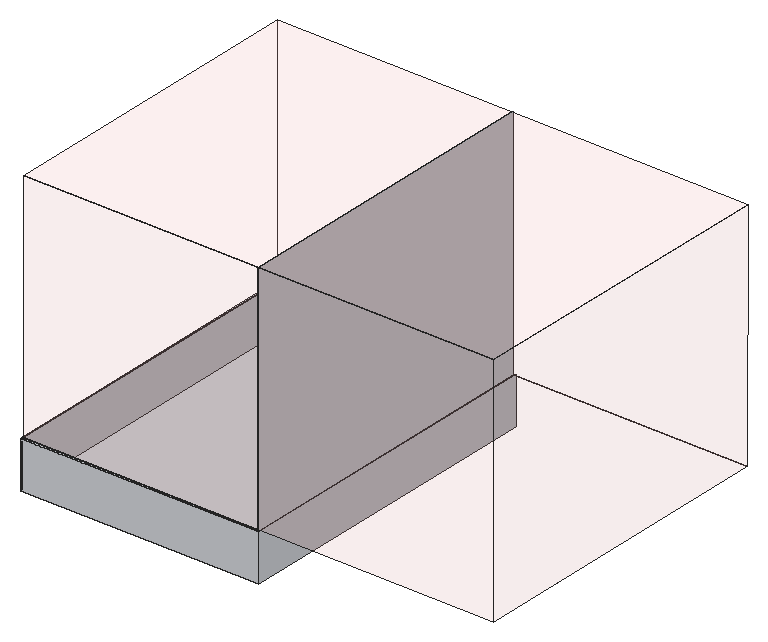
Revit family "Hager-Type B SP&N Distribution Boards-Surface_mounted-IP2XC-With_Cover-Without_DIN-Hosted-GB-en", category Electrical Equipment, host Face, Revit 2023
Family settings
  Host = Face
  Panel Configuration = Two Columns, Circuits Across
  Round Connector Dimension = Use Diameter
  Part Type = Panelboard
  Cut with Voids When Loaded = No
  Maintain Annotation Orientation = Yes
  Shared = No
  Room Calculation Point = No
Parameters (values of type "Type B SP&N Distribution Boards-Surface_mounted_W465_H625_D91_0_Modular_Spacing-JK108BSH")
  Width Control [instance] = if([HG000006-Flush mounted], if([EF000846 - Recess width] > min_whd, [EF000846 - Recess width], min_whd), if([EF000008 - Width] > min_whd, ([EF000008 - Width]), min_whd))  # 465 mm
  Void Depth [instance] = if([HG000006-Flush mounted], Depth Control, 1 mm)  # 1 mm
  Uniformat code = "D501001"
  Uniformat = "Low Tension Service & Dist."
  HG000131 - Functional label [instance] = ""
  HG000130 - Functional name [instance] = ""
  HG000099-Onfly Template ID = "507532"
  Type Comments = ""
  System Height [instance] = Height Control - 2 * [HG000005-Thickness]  # 446 mm
  Reference description = ""
  Reference = "Type B SP&N Distribution Boards-Surface_mounted_W465_H625_D91_0_Modular_Spacing-JK108BSH"
  Object type = ""
  Name hager = "ADD_Enclosures_EC000214"
  Name BIM&CO = "Electricity"
  Name = "Type B SP&N Distribution Boards-Surface_mounted-IP2XC-With_Cover-Without_DIN-GB"
  Model = ""
  HGEF002950-Width in number of modular spacings = 0
  HGEF000266-Number of rows = 0
  HG000060-RAL-number = "7035"
  HG000059-Operating voltage [instance] = 230 V
  HG000017-Distance between poles = 18 mm
  HG000016-Door 3D visibility = yes
  HG000015-Clearance visibility = yes
  HG000014-Door on the right = yes
  HG000013-Door on the left = not([HG000014-Door on the right])  # no
  HG000012-Door swing angle = 90.00°
  HG000011-Empty rows from bottom = no
  HG000010-Asymmetric doors = no
  HG000009-Double swing door = no
  HG000008-Number of empty rows = 0
  HG000007-Number of empty columns = 0
  HG000006-Flush mounted = no
  HG000005-Thickness = 2 mm
  HG000004-Manufacturer reference = "JK108BSH"
  HG000003-Range = "Type B SP&N Distribution Boards"
  HG000002-With door or cover = yes
  HG000001-Number of columns = 0
  GTIN (Global Trade Item Number) = ""
  ETIM class name = "Small distribution board"
  ETIM class code = "EC000214"
  EF015941 - Signal passing door = no
  EF015777 - Neutral terminal block = yes
  EF015776 - Earthing terminal block = yes
  EF009212 - Cover model = ""
  EF006306 - With lock = no
  EF006244 - Transparent cover/door = no
  EF005474 - Degree of protection (IP rating) = "IP2XC"
  EF004464 - Type of door = ""
  EF004462 - Type of closure = ""
  EF002950 - Width in number of modular spacings = 0
  EF001596 - Housing material = ""
  EF001134 - With DIN-rail = no
  EF001131 - Internal depth = 0 mm
  EF001088 - Extension possible = no
  EF001062 - EMC-version = no
  EF000846 - Recess width = 0 mm
  EF000339 - Type of covering = ""
  EF000332 - Recess height = 0 mm
  EF000266 - Number of rows = 0
  EF000218 - Recess depth = 0 mm
  EF000118 - With mounting plate = no
  EF000116 - RAL number = 7035
  EF000049 - Depth = 91 mm
  EF000040 - Height = 625 mm
  EF000024 - UV resistant = no
  EF000008 - Width = 465 mm
  EF000007 - Colour = ""
  EF000003 - Mounting method = "Surface mounted"
  Creation Date = "12/17/2025 20:13:08"
  Code hager = "ADD-EC000214_EU"
  BIM&CO code = ""
  BC_VARIANT_ID = "1178538"
  BC_OBJECT_VERSION = "#1"  # constant formula
  BC_OBJECT_ID = "513817"  # constant formula
  BC_MODEL_ID = "1554191"  # constant formula
  Arrow Offset [instance] = Depth Control / 8  # 18.75 mm
  Arrow Height [instance] = Depth Control - Arrow Offset  # 131.25 mm
  Host Offset [instance] = if([HG000006-Flush mounted], 0 mm, [EF000049 - Depth])  # 91 mm
  min_whd [instance] = (2 * [HG000005-Thickness]) + 1 mm  # 5 mm
  Manufacturer = "Hager"  # constant formula
  Height Control [instance] = if([HG000006-Flush mounted], if([EF000332 - Recess height] > min_whd, [EF000332 - Recess height], min_whd), if([EF000040 - Height] > min_whd, ([EF000040 - Height]), min_whd))  # 625 mm
  Flush Mounted - Door Frame Width [instance] = if(([EF000040 - Height] - [EF000332 - Recess height]) > 0 mm, if([HG000006-Flush mounted], [EF000040 - Height] - [EF000332 - Recess height], 0 mm), 0 mm)  # 0 mm
  Depth Control [instance] = if([HG000006-Flush mounted], if([EF000218 - Recess depth] > 0 mm, [EF000218 - Recess depth], 1 mm), if([EF000049 - Depth] > 0 mm, ([EF000049 - Depth]), 1 mm))  # 91 mm
  Default Elevation = 0 mm
Types (4, lengths in mm): name | Width Control | Reference | HG000004-Manufacturer reference | EF015777 - Neutral terminal block | EF015776 - Earthing terminal block | EF001088 - Extension possible | EF000049 - Depth | EF000040 - Height | EF000008 - Width | EF000007 - Colour | BC_VARIANT_ID | Host Offset | Height Control | Depth Control
  Type B SP&N Distribution Boards-Surface_mounted_W465_H550_D91_0_Modular_Spacing-JK106BSH | 465 | "Type B SP&N Distribution Boards-Surface_mounted_W465_H550_D91_0_Modular_Spacing-JK106BSH" | "JK106BSH" | no | yes | no | 91 | 550 | 465 | "" | "1178537" | 91 | 550 | 91
  Type B SP&N Distribution Boards-Surface_mounted_W465_H625_D91_0_Modular_Spacing-JK108BSH | 465 | "Type B SP&N Distribution Boards-Surface_mounted_W465_H625_D91_0_Modular_Spacing-JK108BSH" | "JK108BSH" | yes | yes | no | 91 | 625 | 465 | "" | "1178538" | 91 | 625 | 91
  Type B SP&N Distribution Boards-Surface_mounted_W465_H850_D91_0_Modular_Spacing-JK112BSH | 465 | "Type B SP&N Distribution Boards-Surface_mounted_W465_H850_D91_0_Modular_Spacing-JK112BSH" | "JK112BSH" | yes | yes | no | 91 | 850 | 465 | "" | "1178539" | 91 | 850 | 91
  Type B SP&N Distribution Boards-Surface_mounted_W232_H300_D124_0_Modular_Spacing-JK201BSH | 232 | "Type B SP&N Distribution Boards-Surface_mounted_W232_H300_D124_0_Modular_Spacing-JK201BSH" | "JK201BSH" | no | no | yes | 124 | 300 | 232 | "Grey" | "1178540" | 124 | 300 | 124
Reference planes
  plane 1 "Center (Front/Back)": y = 0
  plane 2: z = 0
  plane 3 "Center (Left/Right)": x = 0
  plane 4: z = 91
  plane 5: y = 2
  plane 6: z = 86
  plane 7: y = 312.5
  plane 8: y = 0
  plane 9: y = 625
  plane 10: z = 0
  plane 11: x = -232.5
  plane 12: x = 232.5
  plane 13: x = 230.5
  plane 14: x = -230.5
  plane 15: y = 623
  plane 16: z = 2
  plane 17: z = 89
  plane 18: z = -1
  plane 19: z = 89
  plane 20 "Annotation H": y = -100
  plane 21 "Annotation V": x = 532.5
Forms (mm)
  Extrusion 1, solid
    sketch origin (-583.045, 0, 1219.2) x (-1, 0, 0) y (0, 0, 1)
      loop
        line (-350.545, -1128.2) -> (-815.545, -1128.2) -> (-815.545, -1219.2) -> (-350.545, -1219.2) -> (-350.545, -1128.2)
    from 0 to 625 <- "Height Control"
  Extrusion 2, void
    sketch origin (-381.607, -4572, 91) x (0, -1, 0) y (-1, 0, 0)
      loop
        line (-5195, -151.107) -> (-5195, -612.107) -> (-4574, -612.107) -> (-4574, -151.107) -> (-5195, -151.107)
    from 0 to 89
  Extrusion 3, void
    sketch origin (0, 0, 0) x (1, 0, 0) y (0, 1, 0)
      loop
        line (-232.5, 0) -> (232.5, 0) -> (232.5, 625) -> (-232.5, 625) -> (-232.5, 0)
    from -1 to 1
  Extrusion 4, solid, detail levels coarse+medium
    sketch origin (-381.607, -4572, 91) x (-1, 0, 0) y (0, -1, 0)
      loop
        line (-151.107, -5195) -> (-151.107, -4574) -> (-612.107, -4574) -> (-612.107, -5195) -> (-151.107, -5195)
    from 0 to -2
Cuts and joins
  Extrusion 2 cuts Extrusion 1
Dimensions and locks
  plane 4 to plane 6 = 5 mm
  "Host Offset": plane 4 to host face
  "Flush Mounted - Door Frame Width": plane 1 "Center (Front/Back)" to plane 8
  "HG000005-Thickness": plane 5 to plane 8
  locked: connector elem to plane 3 "Center (Left/Right)"
  "Height Control": plane 9 to plane 8
  equal spacing: plane 9, plane 7, plane 8
  locked: connector elem to plane 7
  "Depth Control": plane 4 to plane 10
  "HG000005-Thickness": plane 11 to plane 14
  "HG000005-Thickness": plane 12 to plane 13
  equal spacing: plane 11, plane 3 "Center (Left/Right)", plane 12
  "Width Control": plane 11 to plane 12
  "Arrow Offset": nested 4 to plane 10
  "HG000005-Thickness": plane 9 to plane 15
  "HG000005-Thickness": plane 16 to plane 10
  "HG000005-Thickness": plane 4 to plane 17
  "Void Depth": plane 2 to plane 18
  "HG000005-Thickness": plane 4 to plane 19
  locked: plane 20 "Annotation H" to plane 1 "Center (Front/Back)" at 100
  locked: plane 12 to plane 21 "Annotation V" at 300
  aligned and locked: plane 2 to host face
  aligned and locked: level to host face
  aligned and locked: plane 3 "Center (Left/Right)" to nested 2
  aligned and locked: plane 4 to nested 2
  aligned and locked: nested 2 to plane 8
  aligned and locked: nested 1 to plane 6
  aligned and locked: nested 1 to plane 5
  aligned and locked: nested 4 to plane 11
  aligned and locked: nested 3 to plane 4
  aligned and locked: Extrusion 1 sketch curve to plane 12
  aligned and locked: Extrusion 1 sketch curve to plane 11
  aligned and locked: nested 3 to plane 10
  aligned and locked: plane 10 to Extrusion 1 sketch curve
  aligned and locked: Extrusion 2 sketch curve to plane 5
  aligned and locked: Extrusion 2 sketch curve to plane 15
  aligned and locked: Extrusion 2 sketch curve to plane 14
  aligned and locked: Extrusion 2 sketch curve to plane 13
  aligned and locked: plane 11 to Extrusion 3 sketch curve
  aligned and locked: plane 9 to Extrusion 3 sketch curve
  aligned and locked: Extrusion 3 sketch curve to plane 8
  aligned and locked: plane 12 to Extrusion 3 sketch curve
  aligned and locked: nested 3 to plane 12
  aligned and locked: Extrusion 3 to plane 18
  aligned and locked: Extrusion 2 to plane 16
  aligned and locked: Extrusion 1 sketch curve to plane 4
  aligned and locked: Extrusion 4 to plane 17
  aligned and locked: Extrusion 4 sketch curve to plane 15
  aligned and locked: Extrusion 4 sketch curve to plane 13
  aligned and locked: Extrusion 4 sketch curve to plane 14
  aligned and locked: Extrusion 4 sketch curve to plane 5
  aligned and locked: nested 5 to plane 21 "Annotation V"
  aligned and locked: plane 20 "Annotation H" to nested 5
Automatic sketch dimensions
  host sketch curve to host sketch curve = 1469.727 mm
  host sketch curve to host sketch curve = 1434.803 mm
Nested families
  nested 1: "Hager_Enclosure_System" at (0, 2, 86) x (1, 0, 0) z (0, 1, 0), Depth <- "HG000005-Thickness", Height <- "System Height", Border <- "HG000005-Thickness", Flush_Mounted <- "HG000006-Flush mounted", Row_Module_Multiplicator <- "HGEF002950-Width in number of modular spacings", Total_No_Empty_Rows <- "HG000008-Number of empty rows", Total_No_Rows <- "HGEF000266-Number of rows", Empty_Columns <- "HG000007-Number of empty columns", Width_Control <- "Width Control", Empty_Rows_From_Bottom <- "HG000011-Empty rows from bottom", Distance_Between_Poles <- "HG000017-Distance between poles", Rows_Count <- "HGEF000266-Number of rows", Columns_Count <- "HG000001-Number of columns", Built-in_Width <- "EF000846 - Recess width", Width <- "EF000008 - Width", type "Hager_Enclosure_System", detail levels fine
    with Width_Control 465 mm, Width 465 mm, Total_No_Rows 0, Total_No_Empty_Rows 0, Total_No_Columns 1, System_Width 461 mm, Rows_Count 0, Rows_Column 0, Row_Module_Multiplicator 0, Panel_4 no, Panel_3 no, Panel_2 no, Panel_1 no, No_Panels_Ctrl 1, Hide_Columns yes, Height 446 mm, Flush_Mounted no, Empty_Rows_From_Bottom no, Empty_Rows_Column 0, Empty_Columns 0, Empty column 4 0, Empty column 3 0, Empty column 2 0, Empty column 1 0, Distance_Between_Poles 18 mm, Depth 2 mm, Columns_Count 0, Column_Width 461 mm, Built-in_Width 0 mm, Border 2 mm
  nested 2: "Hager_Enclosure_Door" at (0, 0, 91) x (1, 0, 0) z (0, 1, 0), Border <- "HG000005-Thickness", Door_Right <- "HG000014-Door on the right", Flush_Mounted <- "HG000006-Flush mounted", Door_Left <- "HG000013-Door on the left", 3d_Door <- "HG000016-Door 3D visibility", Angle <- "HG000012-Door swing angle", Assymetrical <- "HG000010-Asymmetric doors", Double <- "HG000009-Double swing door", Clearance <- "HG000015-Clearance visibility", Door <- "HG000002-With door or cover", Height_Ctrl <- "Height Control", Width_Ctrl <- "Width Control", BuiltIn_Depth <- "EF000218 - Recess depth", Depth <- "EF000049 - Depth", BuiltIn_Width <- "EF000846 - Recess width", Height <- "EF000040 - Height", BuiltIn_Height <- "EF000332 - Recess height", Width <- "EF000008 - Width", Transparent <- "EF006244 - Transparent cover/door", type "Hager_Enclosure_Door", detail levels medium+fine
    with min_wh 5 mm, Width_Ctrl 465 mm, Width 465 mm, Transparent_Door_No_Bottom_Border no, Transparent no, Leaf_Width 458 mm, Leaf_Tolerance 1.5 mm, Leaf_Height 618 mm, Leaf_2_Width 458 mm, Leaf_2_Offset 229 mm, Leaf_1_Width 458 mm, Leaf_1_Offset 229 mm, Height_Ctrl 625 mm, Height 625 mm, Frame_Width_Ctrl 465 mm, Frame_Width 465 mm, Frame_Internal_Offset 0 mm, Frame_Height_Ctrl 625 mm, Frame_Height 625 mm, Frame_Depth_Ctrl 1 mm, Frame_Depth 0 mm, Flush_Mounted no, Double_Clearance_Ctrl no, Double no, Door_Right_Ctrl yes, Door_Right yes, Door_Left_Ctrl no, Door_Left no, Door yes, Depth 91 mm, Clearance_Depth 458 mm, Clearance_Ctrl yes, Clearance yes, BuiltIn_Width 0 mm, BuiltIn_Height 0 mm, BuiltIn_Depth 0 mm, Border 2 mm, Assymetrical no, Angle 90.00°, 3d_Door yes
  nested 3: "Hager_Enclosure_Symbol_Triangle" at (-232.5, 0, 0) x (1, 0, 0) z (0, -1, 0), Depth <- "Depth Control", Width <- "Width Control", type "Hager_Enclosure_Symbol_Triangle"
    with Width_Ctrl 465 mm, Width 465 mm, Depth_Ctrl 91 mm, Depth 91 mm
  nested 4: "Hager_Enclosure_Symbol_Arrow" at (-232.5, 0, 18.75) x (1, 0, 0) z (0, -1, 0), Height <- "Arrow Height", type "Hager_Enclosure_Symbol_Arrow"
    with Width_Inside 9.844 mm, Width 118.125 mm, Height_Ctrl 131.25 mm, Height 131.25 mm
  nested 5: "Hager_Annotation-HG000130" at (532.5, -100, 0) x (-1, 0, 0) z (0, 0, 1), HG000130 - Functional name <- "HG000130 - Functional name", type "Hager_Annotation-HG000130"
    with HG000130 - Functional name ""
Connectors
  electrical at (0, 312.5, 0)
    settings: on plane 10, index 1, voltage 0 V, apparent load 0 VA, apparent load phase1 0 VA, apparent load phase2 0 VA, apparent load phase3 0 VA, power factor 1, load classification "Other", number of poles 1, system type 30, power factor state 1, is connector primary yes, connector utility no, sub classification motor no, connector description ""
Definition of nested family "Hager_Enclosure_Door"
  Parameters (values of type "Hager_Enclosure_Door")
    min_wh [instance] = (2 * Border) + 1 mm  # 11 mm
    Width_Ctrl [instance] = 400 mm
    Width [instance] = 500 mm
    Transparent_Door_No_Bottom_Border [instance] = no
    Transparent [instance] = yes
    Leaf_Width [instance] = if((Width_Ctrl - 2 * Border - 2 * Leaf_Tolerance) > 0 mm, (Width_Ctrl - 2 * Border - 2 * Leaf_Tolerance), min_wh)  # 387 mm
    Leaf_Tolerance [instance] = 1.5 mm  # constant formula
    Leaf_Height [instance] = if((Height_Ctrl - 2 * Border - 2 * Leaf_Tolerance) > 0 mm, (Height_Ctrl - 2 * Border - 2 * Leaf_Tolerance), min_wh)  # 387 mm
    Leaf_2_Width [instance] = if(and(and(Double, Assymetrical), Door_Left), (Leaf_Width / 3) - (Leaf_Tolerance / 2), if(and(and(Double, Assymetrical), Door_Right), (Leaf_Width / 3) * 2 - (Leaf_Tolerance / 2), if(and(Double, not(Assymetrical)), (Leaf_Width / 2) - Leaf_Tolerance, Leaf_Width)))  # 387 mm
    Leaf_2_Offset [instance] = if(and(Double, Assymetrical), Leaf_2_Width / 2, if(and(Double, not(Assymetrical)), Leaf_Width / 4, Leaf_Width / 2))  # 193.5 mm
    Leaf_1_Width [instance] = if(and(and(Double, Assymetrical), Door_Right), (Leaf_Width / 3) - (Leaf_Tolerance / 2), if(and(and(Double, Assymetrical), Door_Left), (Width / 3) * 2 - (Leaf_Tolerance / 2), if(and(Double, not(Assymetrical)), (Leaf_Width / 2) - Leaf_Tolerance, Leaf_Width)))  # 387 mm
    Leaf_1_Offset [instance] = if(and(Double, Assymetrical), Leaf_1_Width / 2, if(and(Double, not(Assymetrical)), Leaf_Width / 4, Leaf_Width / 2))  # 193.5 mm
    Height_Ctrl [instance] = 400 mm
    Height [instance] = 500 mm
    Frame_Width_Ctrl [instance] = if(Frame_Width > 0 mm, Frame_Width, 1 mm)  # 1 mm
    Frame_Width [instance] = Width - BuiltIn_Width  # 0 mm
    Frame_Internal_Offset [instance] = if(Flush_Mounted, Border, 0 mm)  # 5 mm
    Frame_Height_Ctrl [instance] = if(Frame_Height > 0 mm, Frame_Height, 1 mm)  # 1 mm
    Frame_Height [instance] = Height - BuiltIn_Height  # 0 mm
    Frame_Depth_Ctrl [instance] = if(Frame_Depth > 0 mm, Frame_Depth, 1 mm)  # 1 mm
    Frame_Depth [instance] = if(Depth - BuiltIn_Depth > 0 mm, if(Flush_Mounted, Depth - BuiltIn_Depth, 0 mm), 0 mm)  # 0 mm
    Flush_Mounted [instance] = yes
    Double_Clearance_Ctrl [instance] = and(Double, Clearance)  # no
    Double [instance] = no
    Door_Right_Ctrl [instance] = and(or(Door_Right, Double), Door)  # yes
    Door_Right [instance] = yes
    Door_Left_Ctrl [instance] = and(or(Door_Left, Double), Door)  # no
    Door_Left [instance] = no
    Door [instance] = yes
    Depth [instance] = 500 mm
    Default Elevation = 1219.2 mm
    Clearance_Material = none
    Clearance_Depth [instance] = if(Leaf_1_Width > Leaf_2_Width, Leaf_1_Width, Leaf_2_Width)  # 387 mm
    Clearance_Ctrl [instance] = and(not(Double), Clearance)  # yes
    Clearance [instance] = yes
    BuiltIn_Width [instance] = 500 mm
    BuiltIn_Height [instance] = 500 mm
    BuiltIn_Depth [instance] = 500 mm
    Border [instance] = 5 mm
    Assymetrical [instance] = yes
    Angle [instance] = 30.00°
    3d_Door [instance] = yes
  Reference planes
    plane 1 "Center (Front/Back)": y = 0
    plane 2 "Bottom": z = 0
    plane 3 "Center (Left/Right)": x = 0
    plane 4: z = 400
    plane 5: x = -200
    plane 6: x = 200
    plane 7: z = 395
    plane 8: x = -195
    plane 9: z = 5
    plane 10: x = 195
    plane 11: y = 0
    plane 12: z = 6.5
    plane 13: x = -582
    plane 14: y = -387
    plane 15: x = 582
    plane 16: x = 0
    plane 17: x = 0
    plane 18: x = -193.5
    plane 19: x = 193.5
    plane 20: z = 393.5
  Forms (mm)
    Extrusion 1, solid, visible <- "Flush_Mounted"
      sketch origin (0, 0, 0) x (1, 0, 0) y (0, 0, 1)
        loop
          line (195, 5) -> (195, 395) -> (-195, 395) -> (-195, 5) -> (195, 5)
        loop
          line (-201, 401) -> (-201, -1) -> (201, -1) -> (201, 401) -> (-201, 401)
      from 0 to 1 <- "Frame_Depth_Ctrl"
    Extrusion 2, solid, material <- "Clearance_Material", visible <- "Double_Clearance_Ctrl"
      sketch origin (1200, 0, 0) x (1, 0, 0) y (0, 0, -1)
        loop
          line (-1782, -393.5) -> (-618, -393.5) -> (-618, 0) -> (-1782, 0) -> (-1782, -393.5)
      from 0 to -387
  Dimensions and locks
    equal spacing: plane 5, plane 3 "Center (Left/Right)", plane 6
    "Width_Ctrl": plane 5 to plane 6
    "Border": plane 5 to plane 8
    "Border": plane 6 to plane 10
    "Border": plane 9 to level
    "Border": plane 4 to plane 7
    "Height_Ctrl": plane 4 to level
    "Leaf_Tolerance": plane 12 to plane 9
    "Frame_Depth": plane 11 to plane 1 "Center (Front/Back)"
    "Frame_Width_Ctrl": plane 5 to Extrusion 1 sketch curve
    "Frame_Width_Ctrl": plane 6 to Extrusion 1 sketch curve
    "Frame_Width_Ctrl": Extrusion 1 sketch curve to plane 4
    "Frame_Width_Ctrl": plane 2 "Bottom" to Extrusion 1 sketch curve
    "Leaf_1_Offset": plane 18 to plane 16
    "Leaf_2_Offset": plane 17 to plane 19
    "Leaf_1_Width": plane 13 to plane 8
    "Leaf_2_Width": plane 10 to plane 15
    "Clearance_Depth": plane 14 to plane 1 "Center (Front/Back)"
    "Leaf_Tolerance": plane 8 to plane 18
    "Leaf_Tolerance": plane 19 to plane 10
    "Leaf_Tolerance": plane 7 to plane 20
    "Frame_Internal_Offset": plane 5 to Extrusion 1 sketch curve
    "Frame_Internal_Offset": Extrusion 1 sketch curve to plane 2 "Bottom"
    "Frame_Internal_Offset": plane 6 to Extrusion 1 sketch curve
    "Frame_Internal_Offset": plane 4 to Extrusion 1 sketch curve
    aligned and locked: level to plane 2 "Bottom"
    aligned and locked: nested 1 to plane 16
    aligned and locked: nested 2 to plane 17
    aligned and locked: Extrusion 2 to plane 13
    aligned and locked: plane 15 to Extrusion 2
    aligned and locked: Extrusion 2 to plane 14
    aligned and locked: plane 12 to nested 1
    aligned and locked: nested 2 to plane 12
    aligned and locked: Extrusion 2 to plane 11
    aligned and locked: plane 20 to Extrusion 2
    aligned and locked: nested 2 to plane 11
    aligned and locked: nested 1 to plane 11
  Automatic sketch dimensions
    Extrusion 2 sketch curve to level = 0 mm
    plane 5 to Extrusion 2 sketch curve = 382 mm
    plane 6 to Extrusion 2 sketch curve = 382 mm
    Extrusion 2 sketch curve to plane 4 = 6.5 mm
  Nested families
    nested 1: "Hager_Enclosure_Door_Leaf" at (0, 0, 6.5), Width <- "Leaf_1_Width", visible <- "Door_Left_Ctrl", Leaf_Height <- "Leaf_Height", Angle <- "Angle", Depth <- "Border", 3d_Door <- "3d_Door", Transparent <- "Transparent", Clearance Material <- "Clearance_Material", Clearance <- "Clearance_Ctrl", Transparent_Door_No_Bottom_Border <- "Transparent_Door_No_Bottom_Border", type "Hager_Enclosure_Door_Leaf"
      with Width 387 mm, Transparent_Door_No_Bottom_Border no, Transparent_Door_Border_Bottom_Top 25 mm, Transparent_Door_Border 25 mm, Transparent_Ctrl yes, Transparent yes, Standard no, Leaf_Height 387 mm, Glass_Offset 1 mm, Depth 5 mm, Clearance Material none, Clearance yes, Angle_Ctrl 30.00°, Angle 30.00°, 3d_Door yes
    nested 2: "Hager_Enclosure_Door_Leaf" at (0, 0, 6.5) x (-1, 0, 0) z (0, 0, 1), Width <- "Leaf_2_Width", visible <- "Door_Right_Ctrl", Leaf_Height <- "Leaf_Height", Angle <- "Angle", Depth <- "Border", 3d_Door <- "3d_Door", Transparent <- "Transparent", Clearance Material <- "Clearance_Material", Clearance <- "Clearance_Ctrl", Transparent_Door_No_Bottom_Border <- "Transparent_Door_No_Bottom_Border", type "Hager_Enclosure_Door_Leaf"
      with Width 387 mm, Transparent_Door_No_Bottom_Border no, Transparent_Door_Border_Bottom_Top 25 mm, Transparent_Door_Border 25 mm, Transparent_Ctrl yes, Transparent yes, Standard no, Leaf_Height 387 mm, Glass_Offset 1 mm, Depth 5 mm, Clearance Material none, Clearance yes, Angle_Ctrl 30.00°, Angle 30.00°, 3d_Door yes
  Definition of nested family "Hager_Enclosure_Door_Leaf"
    Parameters (values of type "Hager_Enclosure_Door_Leaf")
      Width [instance] = 2000 mm
      Transparent_Door_No_Bottom_Border [instance] = yes
      Transparent_Door_Border_Bottom_Top [instance] = if(Transparent_Door_No_Bottom_Border, 0.1 mm, Transparent_Door_Border)  # 0.1 mm
      Transparent_Door_Border [instance] = if(Transparent_Door_No_Bottom_Border, (Width * 0.12), 25 mm)  # 240 mm
      Transparent_Ctrl [instance] = and(Transparent, [3d_Door])  # yes
      Transparent [instance] = yes
      Standard [instance] = and(not(Transparent), [3d_Door])  # no
      Leaf_Height [instance] = 2720.336 mm
      Glass_Offset [instance] = if((Depth - 10 mm) / 2 > 0 mm, (Depth - 10 mm) / 2, 1 mm)  # 15 mm
      Glass_Material = none
      Depth [instance] = 40 mm
      Default Elevation = 0 mm
      Clearance Material [instance] = none
      Clearance [instance] = yes
      Angle_Ctrl [instance] = if(Angle > 170.00°, 170.00°, Angle)  # 45.00°
      Angle [instance] = 45.00°
      3d_Door [instance] = yes
    Reference planes
      plane 1 "Center (Front/Back)": y = 0
      plane 2: z = 0
      plane 3 "Center (Left/Right)": x = 0
      plane 4: y = 2000
      plane 5: x = -1000
      plane 6: x = 1000
      plane 7: x = -3000
      plane 8: z = 2720.336
      plane 9: z = 0.1
      plane 10: z = 2720.236
      plane 11: x = 760
      plane 12: x = -760
    Forms (mm)
      Extrusion 1, solid, material <- "Clearance Material", visible <- "Clearance"
        sketch origin (0, 0, 0) x (1, 0, 0) y (0, 0, 1)
          loop
            line (-3000, 2720.336) -> (-3000, 0) -> (1000, 0) -> (1000, 2720.336) -> (-3000, 2720.336)
        from 0 to -2000
      Extrusion 2, solid, visible <- "Standard", detail levels medium+fine
        sketch origin (-1000, 0, 0) x (0.707107, 0.707107, 0) y (-0.707107, 0.707107, 0)
          loop
            line (0, -40) -> (2000, -40) -> (2000, 0) -> (0, 0) -> (0, -40)
        from 0 to 2720.336 <- "Leaf_Height"
      Extrusion 3, solid, visible <- "Transparent_Ctrl", detail levels medium+fine
        sketch origin (-1000, 0, 0) x (0.707107, 0.707107, 0) y (-0.707107, 0.707107, 0)
          loop
            line (0, -40) -> (2000, -40) -> (2000, 0) -> (0, 0) -> (0, -40)
        from 0 to 2720.336 <- "Leaf_Height"
      Extrusion 4, void, detail levels medium+fine
        sketch origin (-1000, 0, 0) x (-0.707107, 0.707107, 0) y (0.707107, 0.707107, 0)
          loop
            line (0, 240) -> (0, 1760) -> (-40, 1760) -> (-40, 240) -> (0, 240)
        from -2720.236 to -0.1
      Extrusion 5, solid, material <- "Glass_Material", visible <- "Transparent_Ctrl", detail levels medium+fine
        sketch origin (-1000, 0, 0) x (0.707107, 0.707107, 0) y (-0.707107, 0.707107, 0)
          loop
            line (240, -15) -> (240, -25) -> (1760, -25) -> (1760, -15) -> (240, -15)
        from 0.1 to 2720.236
    Cuts and joins
      Extrusion 4 cuts Extrusion 3
    Lines and regions (mm)
      symbolic lines
        curve 1: line (1000, 0, 0) -> (-3000, 0, 0)
        curve 2: arc (1000, 0, 0) -> (-1000, 2000, 0) -> (-3000, 0, 0) r 2000
        curve 4: line (-1000, 0, 0) -> (414.214, 1414.214, 0)
      reference lines
        curve 3: line (-1000, 0, 0) -> (414.214, 1414.214, 0)
      symbolic lines, detail levels medium+fine
        curve 5: line (414.214, 1414.214, 0) -> (442.498, 1385.929, 0)
        curve 6: line (442.498, 1385.929, 0) -> (-971.716, -28.284, 0)
        curve 7: line (-971.716, -28.284, 0) -> (-1000, 0, 0)
        curve 8: line (-1000, 0, 2720.336) -> (1000, 0, 2720.336)
        curve 9: line (-1000, 0, 0) -> (-1000, 0, 2720.336)
        curve 10: line (1000, 0, 0) -> (-1000, 0, 0)
        curve 11: line (1000, 0, 2720.336) -> (1000, 0, 0)
      symbolic lines, visible <- "Transparent_Ctrl", detail levels medium+fine
        curve 12: line (-760, 0, 2720.236) -> (760, 0, 2720.236)
        curve 13: line (-760, 0, 0.1) -> (-760, 0, 2720.236)
        curve 14: line (760, 0, 0.1) -> (-760, 0, 0.1)
        curve 15: line (760, 0, 2720.236) -> (760, 0, 0.1)
    Dimensions and locks
      "Width": plane 1 "Center (Front/Back)" to plane 4
      equal spacing: plane 5, plane 3 "Center (Left/Right)", plane 6
      "Width": plane 5 to plane 6
      "Width": plane 7 to plane 5
      "Leaf_Height": plane 8 to level
      "Depth": curve 6 to curve 3
      "Width": curve 5 to curve 3
      "Width": curve 3 to curve 3
      "Transparent_Door_Border": Extrusion 4 sketch curve to curve 7
      "Transparent_Door_Border": Extrusion 4 sketch curve to curve 5
      "Transparent_Door_Border_Bottom_Top": plane 8 to plane 10
      "Transparent_Door_Border_Bottom_Top": plane 9 to level
      "Glass_Offset": Extrusion 5 sketch curve to curve 4
      "Glass_Offset": Extrusion 5 sketch curve to curve 6
      "Transparent_Door_Border": Extrusion 5 sketch curve to curve 5
      "Transparent_Door_Border": Extrusion 5 sketch curve to curve 7
      "Transparent_Door_Border": plane 12 to plane 5
      "Transparent_Door_Border": plane 6 to plane 11
      "Angle_Ctrl": angle plane 1 "Center (Front/Back)" to curve 3
      aligned and locked: level to plane 2
      aligned and locked: Extrusion 1 to curve 1
      aligned and locked: plane 6 to Extrusion 1
      aligned and locked: Extrusion 1 to plane 1 "Center (Front/Back)"
      aligned and locked: plane 4 to Extrusion 1
      aligned and locked: plane 8 to Extrusion 1
      aligned and locked: curve 4 to curve 3
      aligned and locked: Extrusion 2 sketch curve to curve 7
      aligned and locked: Extrusion 2 sketch curve to curve 6
      aligned and locked: Extrusion 2 sketch curve to curve 5
      aligned and locked: Extrusion 2 sketch curve to curve 3
      aligned and locked: curve 7 to Extrusion 3 sketch curve
      aligned and locked: Extrusion 3 sketch curve to curve 4
      aligned and locked: Extrusion 3 sketch curve to curve 6
      aligned and locked: Extrusion 3 sketch curve to curve 5
      aligned and locked: curve 4 to Extrusion 4 sketch curve
      aligned and locked: curve 6 to Extrusion 4 sketch curve
      aligned and locked: Extrusion 4 to plane 9
      aligned and locked: Extrusion 4 to plane 10
      aligned and locked: Extrusion 5 to plane 9
      aligned and locked: Extrusion 5 to plane 10
      aligned and locked: curve 8 to plane 8
      aligned and locked: plane 5 to curve 9
      aligned and locked: plane 2 to curve 10
      aligned and locked: curve 11 to plane 6
      aligned and locked: plane 10 to curve 12
      aligned and locked: plane 12 to curve 13
      aligned and locked: curve 14 to plane 9
      aligned and locked: plane 11 to curve 15
    Automatic sketch dimensions
      plane 1 "Center (Front/Back)" to curve 2 = 0 mm
      curve 2 to plane 5 = 0 mm
      Extrusion 1 sketch curve to level = 0 mm
      Extrusion 1 sketch curve to plane 7 = 0 mm
      Extrusion 1 sketch curve to plane 6 = 0 mm
      Extrusion 1 sketch curve to plane 8 = 0 mm
      plane 1 "Center (Front/Back)" to curve 3 = 0 mm
      curve 3 to plane 5 = 0 mm
      curve 7 to curve 3 = 0 mm
Definition of nested family "Hager_Enclosure_Symbol_Triangle"
  Parameters (values of type "Hager_Enclosure_Symbol_Triangle")
    Width_Ctrl [instance] = if(Width > 1 mm, Width, 1 mm)  # 498 mm
    Width [instance] = 498 mm
    Depth_Ctrl [instance] = if(Depth > 1 mm, Depth, 1 mm)  # 72 mm
    Depth [instance] = 72 mm
  Reference planes
    plane 1 "Centre (avant/arrière)": y = 0
    plane 2: z = 0
    plane 3 "Centre (gauche/droite)": x = 0
  Lines and regions (mm)
    Filled region 1, type "Solid_Black", in view "Niveau de réf."
      outline origin (0, 0, 0) x (1, 0, 0) y (0, 1, 0)
        loop
          line (0, 0) -> (498, 0) -> (498, 72) -> (0, 0)
    reference lines, in view "Niveau de réf."
      curve 1: line (-206.153, 72, 0) -> (1083.258, 72, 0)
      curve 2: line (498, 405.456, 0) -> (498, -517.619, 0)
  Dimensions and locks
    "Depth_Ctrl": plane 1 "Centre (avant/arrière)" to curve 1
    "Width_Ctrl": plane 3 "Centre (gauche/droite)" to curve 2
    aligned and locked: curve 1 to Filled region 1 sketch curve
    aligned and locked: Filled region 1 sketch curve to plane 1 "Centre (avant/arrière)"
    aligned and locked: curve 2 to Filled region 1 sketch curve
    aligned and locked: plane 3 "Centre (gauche/droite)" to Filled region 1 sketch curve
    aligned and locked: plane 1 "Centre (avant/arrière)" to Filled region 1 sketch curve
  Automatic sketch dimensions
    curve 1 to plane 3 "Centre (gauche/droite)" = 206.153 mm
    curve 2 to curve 1 = 585.258 mm
    plane 1 "Centre (avant/arrière)" to curve 2 = 517.619 mm
    curve 2 to plane 1 "Centre (avant/arrière)" = 405.456 mm
Definition of nested family "Hager_Enclosure_Symbol_Arrow"
  Parameters (values of type "Hager_Enclosure_Symbol_Arrow")
    Width_Inside [instance] = if(Width / 12 > 2 mm, Width / 12, 2 mm)  # 4.987 mm
    Width [instance] = if(Height_Ctrl * 0.9 > 2 mm, Height_Ctrl * 0.9, 2 mm)  # 59.85 mm
    Height_Ctrl [instance] = if(Height > 2 mm, Height, 2 mm)  # 66.5 mm
    Height [instance] = 66.5 mm
  Reference planes
    plane 1 "Centre (avant/arrière)": y = 0
    plane 2: z = 0
    plane 3 "Centre (gauche/droite)": x = 0
    plane 4: x = 59.85
    plane 5: y = 28.263
    plane 6: y = 38.238
    plane 7: y = 66.5
    plane 8: x = 29.925
    plane 9: y = 33.25
  Lines and regions (mm)
    Filled region 1, type "Solid_Black", in view "Niveau de réf."
      outline origin (0, 0, 0) x (1, 0, 0) y (0, 1, 0)
        loop
          line (59.85, 66.5) -> (37.929, 52.827) -> (51.846, 41.935) -> (59.85, 66.5)
    detail lines, in view "Niveau de réf."
      curve 1: line (0, 0, 0) -> (29.925, 38.238, 0)
      curve 2: line (29.925, 38.238, 0) -> (29.925, 28.263, 0)
      curve 3: line (29.925, 28.263, 0) -> (59.85, 66.5, 0)
  Dimensions and locks
    "Width": plane 3 "Centre (gauche/droite)" to plane 4
    "Height_Ctrl": plane 7 to plane 1 "Centre (avant/arrière)"
    equal spacing: plane 3 "Centre (gauche/droite)", plane 8, plane 4
    equal spacing: plane 7, plane 9, plane 1 "Centre (avant/arrière)"
    equal spacing: plane 6, plane 9, plane 5
    "Width_Inside": plane 6 to plane 9
    equal spacing: curve 3, Filled region 1 sketch curve, Filled region 1 sketch curve
    angle Filled region 1 sketch curve to curve 3 = 20.00°
    angle curve 3 to Filled region 1 sketch curve = 20.00°
    locked: curve 3 to Filled region 1 sketch curve (angle 90.00°)
  Automatic sketch dimensions
    plane 1 "Centre (avant/arrière)" to curve 1 = 0 mm
    curve 1 to plane 3 "Centre (gauche/droite)" = 0 mm
    curve 2 to plane 6 = 0 mm
    curve 3 to plane 8 = 0 mm
    curve 3 to plane 4 = 0 mm
    curve 2 to plane 5 = 0 mm
    curve 3 to plane 7 = 0 mm
    Filled region 1 sketch curve to plane 4 = 0 mm
    Filled region 1 sketch curve to plane 7 = 0 mm
Definition of nested family "Hager_Annotation-HG000130"
  Parameters (values of type "Hager_Annotation-HG000130")
    HG000130 - Functional name [instance] = ""
  Reference planes
    plane 1: y = 0
    plane 2: x = 0
  Lines and regions (mm)
    detail lines
      curve 1: line (-27.5, 10, 0) -> (27.5, 10, 0)
      curve 2: line (-27.5, -10, 0) -> (-27.5, 10, 0)
      curve 3: line (27.5, -10, 0) -> (-27.5, -10, 0)
      curve 4: line (27.5, 10, 0) -> (27.5, -10, 0)
  Text (mm)
    label "HG000130 - Functional name" at (0.16, 0.026, 0), shows "HG000130 - Functional name"
